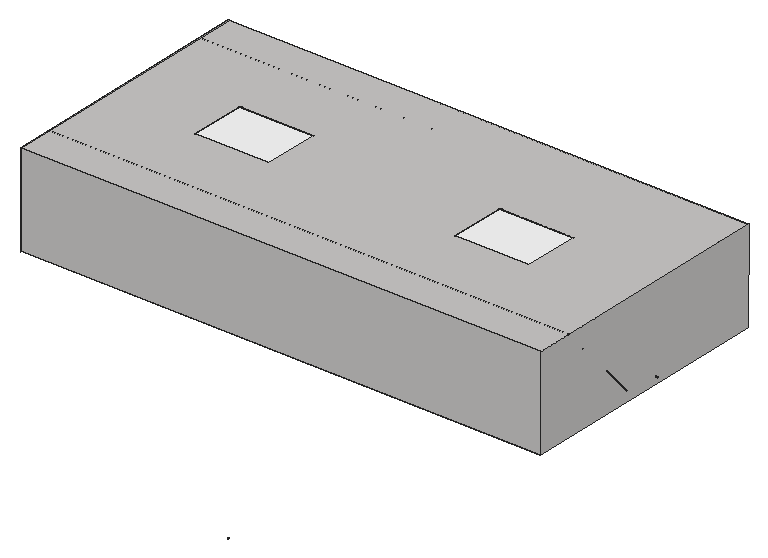
Revit family "QF_ELECTROLUXPROFESSIONAL_642012_EC1428T", category Attrezzature speciali, Revit 2021
Family settings
  Quota connettore circolare = Usa diametro
  Tipo di parte = Normale
  Basato su piano di lavoro = No
  Sempre verticale = Sì
  Taglio con vuoti quando caricato = No
  Condiviso = No
  Punto di calcolo locali = No
Parameters (values of type "Standard")
  Weight = 82.00 kg
  Watts = 0 W
  Volts = 0 V
  URL Manufacturer = "https://www.electroluxprofessional.com/"
  URL = "https://www.electroluxprofessional.com/"
  Steam Supply Size = 0 mm
  Steam Supply Minimum Pressure = 0.0 Pa
  Steam Supply Maximum Pressure = 0.0 Pa
  Steam Consumption per Hour = 0
  Refrigeration Suction Line Size = 0 mm
  Refrigeration Liquid Line Size = 0 mm
  Refrigerant Compressor Remote = yes
  Prospetto di default = 0 mm
  Produttore = "Electrolux Professional"
  Phase = 0
  Modello = "EC1428T"
  Length Actual = 2800 mm  # constant formula
  Item Number = "642012"
  Hot Water Size = 0 mm
  Height Actual = 500 mm  # constant formula
  HP = "0 HP"
  Gas Size = 0 mm
  Gas KW = 0
  Gas Input Pressure = 0 W
  Direct Waste Size = 0 mm
  Descrizione = "304 S/S ISLAND HOOD+FILTERS 2800X1400MM"
  Depth Actual = 1400 mm  # constant formula
  Cycle = 0 Hz
  Condensate Return Size = 0 mm
  Compressed Air Volume = 0.0 L/s
  Compressed Air Size = 0 mm
  Compressed Air Pressure = 0.0 Pa
  Cold Water Size = 0 mm
  Accessory = yes
Reference planes
  plane 1: z = 0
  plane 2 "Center (Left/Right)": x = 150
  plane 3 "LEFT": x = -1250
  plane 4 "RIGHT": x = 1550
  plane 5 "BACK": y = 550
  plane 6 "TOP": z = 2500
  plane 7 "Base": z = 2000
  plane 8: z = 1946
  plane 9: x = -1247
  plane 10 "DrainX": x = 1399
  plane 11 "AOLeft2": x = -350
  plane 12 "AORight1": x = 650
  plane 13: x = 1547
  plane 14: x = -1050
  plane 15: x = 1350
  plane 16: x = 50
  plane 17: x = 250
  plane 18 "AOLeft1": x = -750
  plane 19 "AORight2": x = 1050
  plane 20: y = 0
  plane 21: y = -300
  plane 22: y = -150
  plane 23: y = -850
  plane 24: through (0, 260.354, 2382.279) normal (0, 0.766, -0.6428)
  plane 25: through (0, -560.351, 2382.279) normal (0, -0.766, -0.6428)
  plane 26: through (0, 272.154, 2402.468) normal (0, -0.753, 0.6581)
  plane 27: through (0, -572.152, 2402.468) normal (0, -0.753, -0.6581)
Forms (mm)
  Extrusion 1, solid, material "QF_Finishes_Stainless Steel"
    sketch origin (-1250, 0, 360) x (0, 1, 0) y (0, 0, 1)
      loop
        line (550, 1640) -> (550, 2140) -> (-850, 2140) -> (-850, 1640) -> (550, 1640)
    from 0 to 3
  Extrusion 2, solid, material "QF_Finishes_Stainless Steel"
    sketch origin (1550, 0, 360) x (0, 1, 0) y (0, 0, 1)
      loop
        line (550, 1640) -> (550, 2140) -> (-850, 2140) -> (-850, 1640) -> (550, 1640)
    from 0 to -3
  Extrusion 3, solid, material "QF_Finishes_Stainless Steel"
    sketch origin (150, 0, 360) x (0, 1, 0) y (0, 0, 1)
      loop
        line (-850, 2140) -> (-850, 1640) -> (-840, 1640) -> (-840, 1640.8) -> (-849.2, 1640.8) -> (-849.2, 2139.19) -> (549.2, 2139.19) -> (549.2, 1640.8) -> (540, 1640.8) -> (540, 1640) -> (550, 1640) -> (550, 2140) -> (-850, 2140)
    from -1400 to 1400
  Extrusion 4, solid, material "QF_Finishes_Stainless Steel"
    sketch origin (0, -600, 2000) x (0, 1, 0) y (-1, 0, 0)
      loop
        circle (450, -1399) r 6.35
    from -3.799 to 0
  Extrusion 5, void
    sketch origin (0, 400, 2500) x (0, 1, 0) y (-1, 0, 0)
      loop
        line (-400, 350) -> (-400, 750) -> (-700, 750) -> (-700, 350) -> (-400, 350)
    from 0 to -10
  Extrusion 6, solid, material "QF_Finishes_Stainless Steel"
    sketch origin (0, 0, 0) x (1, 0, 0) y (0, 1, 0)
      loop
        line (-1250, 550) -> (-1250, 549) -> (-1249, 549) -> (-1249, 550) -> (-1250, 550)
    from 0 to 1
  Extrusion 7, solid, material "QF_Finishes_Stainless Steel"
    sketch origin (150, 0, 360) x (0, 1, 0) y (0, 0, 1)
      loop
        line (-79.471, 1685.734) -> (-56.882, 1665.992) -> (272.154, 2042.468) -> (249.566, 2062.21) -> (-79.471, 1685.734)
      loop
        line (-572.152, 2042.468) -> (-243.115, 1665.992) -> (-220.526, 1685.734) -> (-549.563, 2062.21) -> (-572.152, 2042.468)
    from -1200 to -1397
  Extrusion 8, solid, material "QF_Finishes_Stainless Steel"
    sketch origin (150, 0, 360) x (0, 1, 0) y (0, 0, 1)
      loop
        line (260.354, 2022.279) -> (358.454, 2139.19) -> (357.41, 2139.19) -> (266.169, 2030.453) -> (264.331, 2031.996) -> (257.903, 2024.336) -> (260.354, 2022.279)
      loop
        line (-39.202, 1672.761) -> (-56.017, 1663.363) -> (-81.407, 1685.429) -> (-81.974, 1684.862) -> (-54.914, 1661.345) -> (-90.242, 1641.601) -> (-209.758, 1641.601) -> (-245.086, 1661.345) -> (-218.026, 1684.862) -> (-218.593, 1685.429) -> (-243.983, 1663.363) -> (-260.798, 1672.761) -> (-262.311, 1670.055) -> (-209.966, 1640.801) -> (-90.034, 1640.801) -> (-37.689, 1670.055) -> (-39.202, 1672.761)
      loop
        line (-560.354, 2022.279) -> (-557.903, 2024.336) -> (-564.331, 2031.996) -> (-566.169, 2030.453) -> (-657.41, 2139.19) -> (-658.454, 2139.19) -> (-560.354, 2022.279)
    from -1397 to 1397
  Extrusion 9, solid, material "QF_Finishes_Stainless Steel"
    sketch origin (150, 0, 360) x (0, 1, 0) y (0, 0, 1)
      loop
        line (272.154, 2042.468) -> (249.566, 2062.21) -> (-79.471, 1685.734) -> (-56.882, 1665.992) -> (272.154, 2042.468)
      loop
        line (-572.154, 2042.468) -> (-243.118, 1665.992) -> (-220.529, 1685.734) -> (-549.566, 2062.21) -> (-572.154, 2042.468)
    from 1397 to 1200
  Extrusion 10, solid, material "QF_Finishes_Stainless Steel"
    sketch origin (150, 0, 360) x (0, 1, 0) y (0, 0, 1)
      loop
        line (272.154, 2042.468) -> (249.566, 2062.21) -> (-79.471, 1685.734) -> (-56.882, 1665.992) -> (272.154, 2042.468)
      loop
        line (-572.154, 2042.468) -> (-243.118, 1665.992) -> (-220.529, 1685.734) -> (-549.566, 2062.21) -> (-572.154, 2042.468)
    from -100 to 100
  Extrusion 11, solid, material "QF_Finished_Chrome"
    sketch origin (150, 0, 360) x (0, 1, 0) y (0, 0, 1)
      loop
        line (249.566, 2062.21) -> (-79.471, 1685.734) -> (-56.882, 1665.992) -> (272.154, 2042.468) -> (249.566, 2062.21)
      loop
        line (-549.566, 2062.21) -> (-572.154, 2042.468) -> (-243.118, 1665.992) -> (-220.529, 1685.734) -> (-549.566, 2062.21)
    from -1200 to -100
  Extrusion 12, solid, material "QF_Finished_Chrome"
    sketch origin (150, 0, 360) x (0, 1, 0) y (0, 0, 1)
      loop
        line (272.154, 2042.468) -> (249.566, 2062.21) -> (-79.471, 1685.734) -> (-56.882, 1665.992) -> (272.154, 2042.468)
      loop
        line (-572.154, 2042.468) -> (-243.118, 1665.992) -> (-220.529, 1685.734) -> (-549.566, 2062.21) -> (-572.154, 2042.468)
    from 100 to 1200
  Sweep 13, solid, material "QF_Finishes_Stainless Steel"
    path origin (0, 0, 0) x (1, 0, 0) y (0, 1, 0)
      loop
        line (1550, 550) -> (-1250, 550) -> (-1250, -850) -> (1550, -850) -> (1550, 550)
    profile origin (1550, -150, 0) x (1, 0, 0) y (0, 0, 1)
      loop
        line (-3, 2000) -> (-3, 2000.8) -> (-19, 2000.8) -> (-19, 2010) -> (-20, 2010) -> (-20, 2000) -> (-3, 2000)
  Extrusion 14, void
    sketch origin (0, 400, 2500) x (0, 1, 0) y (-1, 0, 0)
      loop
        line (-400, -1050) -> (-400, -650) -> (-700, -650) -> (-700, -1050) -> (-400, -1050)
    from 0 to -10
  Extrusion 15, solid, material "QF_Finishes_Stainless Steel"
    sketch origin (1399, 0, 0) x (0, 1, 0) y (0, 0, 1)
      loop
        arc (-105.855, 1994.063) -> (-104.106, 1996.894) -> (-100.969, 1998.001) r 5
        line (-100.969, 1998.001) -> (-94.999, 1998.001) -> (-94.999, 2000.8) -> (-204.999, 2000.8) -> (-204.999, 1998.001) -> (-199.028, 1998.001)
        arc (-199.028, 1998.001) -> (-195.891, 1996.894) -> (-194.142, 1994.063) r 5
        line (-194.142, 1994.063) -> (-187.139, 1955.845)
        arc (-187.139, 1955.845) -> (-182.768, 1948.768) -> (-174.924, 1946) r 12.5
        line (-174.924, 1946) -> (-125.073, 1946)
        arc (-125.073, 1946) -> (-117.229, 1948.768) -> (-112.859, 1955.845) r 12.5
        line (-112.859, 1955.845) -> (-105.855, 1994.063)
    from -90 to 90
Cuts and joins
  Extrusion 5, Extrusion 14 cuts Extrusion 3
  joined: Extrusion 2, Extrusion 3, Sweep 13
Lines and regions (mm)
  symbolic lines, style "SpecialityEquipment", detail levels coarse
    curve 1: line (1550, 550, 2500) -> (-1250, 550, 2500)
    curve 2: line (-1250, 550, 2500) -> (-1250, -850, 2500)
    curve 3: line (1550, -850, 2500) -> (1550, 550, 2500)
    curve 4: line (-1250, 550, 0) -> (1550, -850, 0)
    curve 5: line (1550, 550, 0) -> (-1250, -850, 0)
  symbolic lines, detail levels coarse
    curve 6: line (-1250, -850, 0) -> (1550, -850, 0)
    curve 7: line (-350, 0, 0) -> (-750, 0, 0)
    curve 8: line (-350, -300, 0) -> (-350, 0, 0)
    curve 9: line (-750, -300, 0) -> (-350, -300, 0)
    curve 10: line (-750, 0, 0) -> (-750, -300, 0)
    curve 11: line (1050, 0, 0) -> (650, 0, 0)
    curve 12: line (1050, -300, 0) -> (1050, 0, 0)
    curve 13: line (650, -300, 0) -> (1050, -300, 0)
    curve 14: line (650, 0, 0) -> (650, -300, 0)
Dimensions and locks
  plane 3 "LEFT" to plane 4 "RIGHT" = 2800 mm
  equal spacing: plane 3 "LEFT", plane 2 "Center (Left/Right)", plane 4 "RIGHT"
  plane 3 "LEFT" to plane 9 = 3 mm
  plane 10 "DrainX" to plane 4 "RIGHT" = 151 mm
  plane 13 to plane 4 "RIGHT" = 3 mm
  plane 3 "LEFT" to plane 14 = 200 mm
  plane 15 to plane 4 "RIGHT" = 200 mm
  locked: plane 11 "AOLeft2" to plane 12 "AORight1" at 1000
  equal spacing: plane 11 "AOLeft2", plane 2 "Center (Left/Right)", plane 12 "AORight1"
  locked: plane 7 "Base" to level at 2000
  locked: plane 6 "TOP" to plane 7 "Base" at 500
  locked: plane 16 to plane 17 at 200
  equal spacing: plane 16, plane 2 "Center (Left/Right)", plane 17
  plane 18 "AOLeft1" to plane 11 "AOLeft2" = 400 mm
  plane 12 "AORight1" to plane 19 "AORight2" = 400 mm
  plane 5 "BACK" to plane 23 = 1400 mm  (x2)
  equal spacing: plane 5 "BACK", plane 22, plane 23
  locked: plane 20 to plane 21 at 300
  equal spacing: plane 20, plane 22, plane 21
  plane 7 "Base" to plane 8 = 54 mm
  aligned and locked: level to plane 1
  aligned and locked: plane 4 "RIGHT" to Extrusion 3
  aligned and locked: Extrusion 3 to plane 3 "LEFT"
  aligned and locked: Extrusion 7 to plane 9
  aligned and locked: Extrusion 7 to plane 14
  aligned and locked: Extrusion 2 to plane 13
  aligned and locked: plane 13 to Extrusion 9
  aligned and locked: plane 15 to Extrusion 9
  aligned and locked: plane 17 to Extrusion 10
  aligned and locked: Extrusion 10 to plane 16
  aligned and locked: plane 16 to Extrusion 11
  aligned and locked: Extrusion 11 to plane 14
  aligned and locked: Extrusion 12 to plane 17
  aligned and locked: Extrusion 12 to plane 15
  aligned and locked: Extrusion 8 to plane 9
  aligned and locked: plane 13 to Extrusion 8
  aligned and locked: Extrusion 5 to plane 18 "AOLeft1"
  aligned and locked: Extrusion 5 to plane 11 "AOLeft2"
  aligned and locked: plane 12 "AORight1" to Extrusion 14
  aligned and locked: plane 19 "AORight2" to Extrusion 14
  aligned and locked: plane 20 to curve 7
  aligned and locked: curve 9 to plane 21
  aligned and locked: plane 20 to curve 11
  aligned and locked: curve 13 to plane 21
  aligned and locked: plane 20 to Extrusion 5 sketch curve
  aligned and locked: Extrusion 5 sketch curve to plane 21
  aligned and locked: plane 20 to Extrusion 14 sketch curve
Automatic sketch dimensions
  Extrusion 1 sketch curve to plane 7 "Base" = 0 mm
  Extrusion 1 sketch curve to plane 5 "BACK" = 0 mm
  Extrusion 1 sketch curve to plane 6 "TOP" = 0 mm
  Extrusion 2 sketch curve to plane 7 "Base" = 0 mm
  Extrusion 2 sketch curve to plane 5 "BACK" = 0 mm
  Extrusion 2 sketch curve to plane 6 "TOP" = 0 mm
  Extrusion 3 sketch curve to plane 6 "TOP" = 0 mm
  Extrusion 3 sketch curve to plane 7 "Base" = 0 mm  (x2)
  Extrusion 3 sketch curve to plane 5 "BACK" = 0 mm
  Extrusion 3 sketch curve to Extrusion 3 sketch curve = 9.2 mm
  plane 7 "Base" to Extrusion 3 sketch curve = 0.8 mm  (x2)
  Extrusion 3 sketch curve to plane 5 "BACK" = 10 mm
  Extrusion 3 sketch curve to plane 5 "BACK" = 0.8 mm
  Extrusion 3 sketch curve to plane 6 "TOP" = 0.81 mm
  Extrusion 4 sketch curve to plane 10 "DrainX" = 0 mm
  Extrusion 5 sketch curve to plane 11 "AOLeft2" = 0 mm
  Extrusion 5 sketch curve to plane 18 "AOLeft1" = 0 mm
  Extrusion 6 sketch curve to plane 3 "LEFT" = 0 mm
  Extrusion 6 sketch curve to plane 5 "BACK" = 0 mm
  plane 3 "LEFT" to Extrusion 6 sketch curve = 1 mm
  Extrusion 6 sketch curve to Extrusion 6 sketch curve = 1 mm
  Sweep 13 sketch curve to plane 3 "LEFT" = 0 mm
  Sweep 13 sketch curve to plane 4 "RIGHT" = 0 mm
  Sweep 13 sketch curve to plane 5 "BACK" = 0 mm
  profile plane to Sweep 13 sketch curve = 20 mm
  Sweep 13 sketch curve to Sweep 13 sketch curve = 1 mm
  profile plane to Sweep 13 sketch curve = 3 mm
  level to Sweep 13 sketch curve = 2000 mm
  Sweep 13 sketch curve to Sweep 13 sketch curve = 0.8 mm
  Sweep 13 sketch curve to Sweep 13 sketch curve = 9.2 mm
  Extrusion 14 sketch curve to plane 11 "AOLeft2" = 1400 mm
  plane 18 "AOLeft1" to Extrusion 14 sketch curve = 1400 mm
  Extrusion 14 sketch curve to Extrusion 14 sketch curve = 300 mm
  Extrusion 1 sketch curve to plane 21 = 550 mm
  Extrusion 2 sketch curve to plane 21 = 550 mm
  Extrusion 3 sketch curve to plane 21 = 540 mm
  Extrusion 3 sketch curve to Extrusion 3 sketch curve = 0.8 mm
  Sweep 13 sketch curve to plane 21 = 550 mm
  curve 5 to plane 3 "LEFT" = 0 mm
  curve 4 to plane 3 "LEFT" = 0 mm
  curve 10 to plane 18 "AOLeft1" = 0 mm
  curve 8 to plane 11 "AOLeft2" = 0 mm
  curve 14 to plane 12 "AORight1" = 0 mm
  curve 12 to plane 19 "AORight2" = 0 mm
  curve 5 to plane 4 "RIGHT" = 0 mm
  curve 6 to plane 4 "RIGHT" = 0 mm
  curve 4 to plane 5 "BACK" = 0 mm
  curve 5 to plane 5 "BACK" = 0 mm
  curve 6 to plane 23 = 0 mm
  Extrusion 7 sketch curve to plane 26 = 0 mm  (x2)
  Extrusion 7 sketch curve to plane 6 "TOP" = 77.79 mm  (x2)
  plane 7 "Base" to Extrusion 7 sketch curve = 25.992 mm  (x2)
  plane 7 "Base" to Extrusion 7 sketch curve = 45.734 mm
  Extrusion 7 sketch curve to plane 27 = 0 mm
  plane 27 to Extrusion 7 sketch curve = 0 mm
  Extrusion 7 sketch curve to plane 22 = 70.526 mm
  Extrusion 11 sketch curve to plane 26 = 0 mm  (x2)
  Extrusion 11 sketch curve to plane 21 = 272.154 mm
  Extrusion 11 sketch curve to plane 6 "TOP" = 77.79 mm  (x2)
  Extrusion 11 sketch curve to Extrusion 11 sketch curve = 22.589 mm
  plane 7 "Base" to Extrusion 11 sketch curve = 25.992 mm  (x2)
  plane 21 to Extrusion 11 sketch curve = 56.882 mm
  plane 22 to Extrusion 11 sketch curve = 70.529 mm
  Extrusion 10 sketch curve to plane 26 = 0 mm  (x2)
  Extrusion 10 sketch curve to plane 21 = 272.154 mm
  Extrusion 10 sketch curve to plane 6 "TOP" = 77.79 mm  (x2)
  Extrusion 10 sketch curve to Extrusion 10 sketch curve = 22.589 mm
  plane 7 "Base" to Extrusion 10 sketch curve = 25.992 mm  (x2)
  plane 21 to Extrusion 10 sketch curve = 56.882 mm
  plane 22 to Extrusion 10 sketch curve = 70.529 mm
  Extrusion 12 sketch curve to plane 26 = 0 mm  (x2)
  Extrusion 12 sketch curve to plane 21 = 272.154 mm
  Extrusion 12 sketch curve to plane 6 "TOP" = 77.79 mm  (x2)
  Extrusion 12 sketch curve to Extrusion 12 sketch curve = 22.589 mm
  plane 7 "Base" to Extrusion 12 sketch curve = 25.992 mm  (x2)
  plane 21 to Extrusion 12 sketch curve = 56.882 mm
  plane 22 to Extrusion 12 sketch curve = 70.529 mm
  Extrusion 9 sketch curve to plane 26 = 0 mm  (x2)
  Extrusion 9 sketch curve to plane 21 = 272.154 mm
  Extrusion 9 sketch curve to plane 6 "TOP" = 77.79 mm  (x2)
  Extrusion 9 sketch curve to Extrusion 9 sketch curve = 22.589 mm
  plane 7 "Base" to Extrusion 9 sketch curve = 25.992 mm  (x2)
  plane 21 to Extrusion 9 sketch curve = 56.882 mm
  plane 22 to Extrusion 9 sketch curve = 70.529 mm
  Extrusion 4 sketch curve to plane 22 = 0 mm
  plane 7 "Base" to Extrusion 15 sketch curve = 0.8 mm
  Extrusion 15 sketch curve to plane 22 = 54.999 mm
  Extrusion 15 sketch curve to Extrusion 15 sketch curve = 5.97 mm  (x2)
  Extrusion 15 sketch curve to Extrusion 15 sketch curve = 4.886 mm  (x2)
  plane 8 to Extrusion 15 sketch curve = 9.845 mm  (x2)
  Extrusion 15 sketch curve to Extrusion 15 sketch curve = 7.004 mm  (x2)
  plane 8 to Extrusion 15 sketch curve = 12.5 mm
  Extrusion 15 sketch curve to Extrusion 15 sketch curve = 12.215 mm  (x2)
  plane 22 to Extrusion 15 sketch curve = 24.927 mm
  Extrusion 15 sketch curve to plane 7 "Base" = 5.937 mm
  Extrusion 15 sketch curve to plane 7 "Base" = 1.999 mm  (x2)
  Extrusion 15 sketch curve to Extrusion 15 sketch curve = 1.062 mm
  plane 24 to Extrusion 8 sketch curve = 0 mm  (x2)
  Extrusion 8 sketch curve to plane 6 "TOP" = 0.81 mm  (x2)
  plane 23 to Extrusion 8 sketch curve = 191.546 mm
  Extrusion 8 sketch curve to Extrusion 8 sketch curve = 1.044 mm
  Extrusion 8 sketch curve to plane 6 "TOP" = 109.547 mm  (x2)
  Extrusion 8 sketch curve to Extrusion 8 sketch curve = 91.241 mm
  Extrusion 8 sketch curve to plane 6 "TOP" = 108.004 mm  (x2)
  Extrusion 8 sketch curve to plane 6 "TOP" = 117.721 mm
  plane 21 to Extrusion 8 sketch curve = 37.689 mm
  plane 7 "Base" to Extrusion 8 sketch curve = 32.761 mm
  Extrusion 8 sketch curve to Extrusion 8 sketch curve = 1.512 mm
  plane 7 "Base" to Extrusion 8 sketch curve = 21.345 mm  (x2)
  Extrusion 8 sketch curve to Extrusion 8 sketch curve = 17.225 mm
  plane 7 "Base" to Extrusion 8 sketch curve = 23.363 mm  (x2)
  Extrusion 8 sketch curve to Extrusion 8 sketch curve = 1.103 mm  (x2)
  Extrusion 8 sketch curve to Extrusion 8 sketch curve = 25.389 mm  (x2)
  Extrusion 8 sketch curve to Extrusion 8 sketch curve = 0.567 mm  (x4)
  plane 7 "Base" to Extrusion 8 sketch curve = 0.801 mm
  plane 7 "Base" to Extrusion 8 sketch curve = 1.601 mm
  plane 22 to Extrusion 8 sketch curve = 59.758 mm
  Extrusion 8 sketch curve to Extrusion 8 sketch curve = 0.208 mm  (x2)
  Extrusion 8 sketch curve to Extrusion 8 sketch curve = 8.268 mm
  Extrusion 8 sketch curve to Extrusion 8 sketch curve = 16.816 mm
  plane 7 "Base" to Extrusion 8 sketch curve = 30.055 mm
  Extrusion 8 sketch curve to plane 6 "TOP" = 115.664 mm
  plane 20 to Extrusion 8 sketch curve = 257.903 mm
  Extrusion 8 sketch curve to Extrusion 8 sketch curve = 21.498 mm  (x2)
  curve 2 to plane 3 "LEFT" = 0 mm
  curve 2 to plane 23 = 0 mm
  curve 3 to plane 4 "RIGHT" = 0 mm
  curve 3 to plane 23 = 0 mm
  curve 2 to plane 5 "BACK" = 0 mm
  radius of Extrusion 4 sketch curve = 6.35 mm
Connectors
  piping at (1399, -150, 1996.201), diameter 12.7
    settings: on Extrusion 4, index 1, connector inside diameter 609.6 mm, connector length 0 mm, flow factor 0, pipe flow 0.0 L/s, pressure drop 0.0 Pa, fitting loss kfactor 0, connector angle 0.00°, fixture units 0, engagement length 0 mm, angle of deflection 0.00°, flow configuration 1, flow direction 2, fitting loss method 0, system type 16, joint type 0, gender type 0, connector reference index -1, connector utility 0, adjustable connector no, is connector primary yes, connector description "Drain"
  hvac at (-550, -150, 2500)
    settings: on Extrusion 5, index 2, duct flow 0.0 L/s, flow factor 0, pres drop 0.0 Pa, loss coef 0, conn angle 0.00°, conn width 300 mm, conn height 400 mm, conn diameter 609.6 mm, duct sys type 3, conn prof type 1, flow config 1, flow direction 2, loss method 0, conn ref index -1, conn util no, is conn primary yes, conn desc "EXHAUST OUTLET"
  hvac at (850, -150, 2500)
    settings: on Extrusion 14, index 3, duct flow 0.0 L/s, flow factor 0, pres drop 0.0 Pa, loss coef 0, conn angle 0.00°, conn width 300 mm, conn height 400 mm, conn diameter 609.6 mm, duct sys type 3, conn prof type 1, flow config 1, flow direction 2, loss method 0, conn ref index -1, conn util no, is conn primary no, conn desc "EXHAUST OUTLET"
